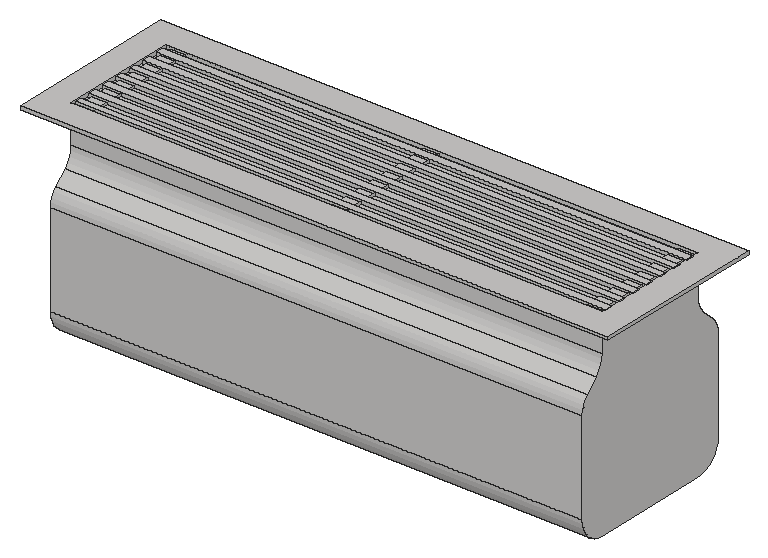
Revit family "VL414112", category Generic Models, host Face, Revit 2015
Parameters (values of type "VL414112")
  Width = 520 mm
  Unit = Metal Panel
  URL = "http://www.gaggenau.com."
  Model = "VL414112"
  Manufacturer = "Gaggenau"
  Height = 175 mm
  Description = "Gaggenau Vario downdraft ventilation 400 series stainless steel Width 15.5 cm Air extraction / Air recirculation Motorless"
  Depth = 155 mm
  Default Elevation = 0 mm
Reference planes
  plane 1 "Center (Front/Back)": y = 0
  plane 2: z = 0
  plane 3 "Center (Left/Right)": x = 0
  plane 4: x = -260
  plane 5: x = 260
  plane 6: y = 77.5
  plane 7: y = -77.5
  plane 8: z = -175
Forms (mm)
  Extrusion 1, solid, material "Metal Panel" <- "Unit"
    sketch origin (0, 0, -175) x (1, 0, 0) y (0, 1, 0)
      loop
        line (-260, 77.5) -> (-260, -77.5) -> (260, -77.5) -> (260, 77.5) -> (-260, 77.5)
      loop
        line (-235, 52.5) -> (-235, -52.5) -> (235, -52.5) -> (235, 52.5) -> (-235, 52.5)
    from 178 to 175
  Extrusion 2, solid, material "Metal Panel" <- "Unit"
    sketch origin (0, 0, -175) x (1, 0, 0) y (0, 1, 0)
      loop
        line (-235, 47.537) -> (-235, 41.024) -> (235, 41.024) -> (235, 47.537) -> (-235, 47.537)
      loop
        line (-235, 32.537) -> (-235, 26.024) -> (235, 26.024) -> (235, 32.537) -> (-235, 32.537)
      loop
        line (-235, 17.537) -> (-235, 11.024) -> (235, 11.024) -> (235, 17.537) -> (-235, 17.537)
      loop
        line (-235, 2.537) -> (-235, -3.976) -> (235, -3.976) -> (235, 2.537) -> (-235, 2.537)
      loop
        line (-235, -12.463) -> (-235, -18.976) -> (235, -18.976) -> (235, -12.463) -> (-235, -12.463)
      loop
        line (-235, -27.463) -> (-235, -33.976) -> (235, -33.976) -> (235, -27.463) -> (-235, -27.463)
      loop
        line (-235, -42.463) -> (-235, -48.976) -> (235, -48.976) -> (235, -42.463) -> (-235, -42.463)
    from 162.399 to 178
  Extrusion 3, solid, material "Metal Panel" <- "Unit"
    sketch origin (0, 0, -175) x (1, 0, 0) y (0, 1, 0)
      loop
        line (-231.25, 52.5) -> (-231.25, -52.5) -> (-218.082, -52.5) -> (-218.082, 52.5) -> (-231.25, 52.5)
      loop
        line (231.25, 52.5) -> (218.082, 52.5) -> (218.082, -52.5) -> (231.25, -52.5) -> (231.25, 52.5)
      loop
        line (-6.584, 52.5) -> (-6.584, -52.5) -> (6.584, -52.5) -> (6.584, 52.5) -> (-6.584, 52.5)
    from 162.399 to 176.45
  Extrusion 4, solid, material "Metal Panel" <- "Unit"
    sketch origin (0, 0, -175) x (0, 1, 0) y (0, 0, 1)
      loop
        line (52.5, 175) -> (-52.5, 175) -> (-52.5, 144.759)
        arc (-52.5, 144.759) -> (-54.182, 136.302) -> (-58.973, 129.132) r 22.1
        line (-58.973, 129.132) -> (-69.142, 118.963)
        arc (-69.142, 118.963) -> (-73.478, 112.474) -> (-75, 104.821) r 20
        line (-75, 104.821) -> (-75, 22.8)
        arc (-75, 22.8) -> (-68.322, 6.678) -> (-52.2, 0) r 22.8
        line (-52.2, 0) -> (52.203, 0)
        arc (52.203, 0) -> (68.323, 6.677) -> (75, 22.797) r 22.797
        line (75, 22.797) -> (75, 104.821)
        arc (75, 104.821) -> (73.478, 112.474) -> (69.142, 118.963) r 20
        line (69.142, 118.963) -> (58.962, 129.143)
        arc (58.962, 129.143) -> (54.179, 136.301) -> (52.5, 144.744) r 22.064
        line (52.5, 144.744) -> (52.5, 175)
    from -235 to 235
  Extrusion 5, solid, material "Metal Panel" <- "Unit"
    sketch origin (25, 0, 0) x (0, 1, 0) y (0, 0, 1)
      loop
        line (-47.369, -73.197) -> (-47.369, -128.197) -> (52.631, -128.197) -> (52.631, -73.197) -> (-47.369, -73.197)
      loop
        line (-42.369, -78.197) -> (-42.369, -123.197) -> (47.631, -123.197) -> (47.631, -78.197) -> (-42.369, -78.197)
    from -260 to -276.42
Dimensions and locks
  "Width": plane 4 to plane 5
  "Depth": plane 6 to plane 7
  "Height": plane 2 to plane 8
  aligned and locked: plane 2 to host face
  aligned and locked: level to host face
Automatic sketch dimensions
  host sketch curve to host sketch curve = 959.2 mm  (x2)
  host sketch curve to host sketch curve = 520 mm
  host sketch curve to host sketch curve = 1141.7 mm  (x2)
  host sketch curve to host sketch curve = 155 mm
  Extrusion 1 sketch curve to plane 4 = 0 mm
  Extrusion 1 sketch curve to plane 5 = 0 mm
  Extrusion 1 sketch curve to plane 7 = 0 mm
  Extrusion 1 sketch curve to plane 6 = 0 mm
  Extrusion 1 sketch curve to plane 4 = 25 mm
  Extrusion 1 sketch curve to plane 5 = 25 mm
  plane 7 to Extrusion 1 sketch curve = 25 mm
  Extrusion 1 sketch curve to plane 6 = 25 mm
  Extrusion 2 sketch curve to plane 4 = 25 mm  (x2)
  Extrusion 2 sketch curve to Extrusion 2 sketch curve = 0 mm  (x11)
  plane 1 "Center (Front/Back)" to Extrusion 2 sketch curve = 3.976 mm
  Extrusion 2 sketch curve to plane 5 = 25 mm
  Extrusion 2 sketch curve to Extrusion 2 sketch curve = 8.488 mm  (x6)
  Extrusion 2 sketch curve to Extrusion 2 sketch curve = 6.512 mm  (x6)
  Extrusion 2 sketch curve to plane 1 "Center (Front/Back)" = 2.537 mm
  Extrusion 3 sketch curve to plane 4 = 28.75 mm
  Extrusion 3 sketch curve to Extrusion 3 sketch curve = 13.168 mm  (x2)
  Extrusion 3 sketch curve to plane 3 "Center (Left/Right)" = 6.584 mm
  plane 3 "Center (Left/Right)" to Extrusion 3 sketch curve = 6.584 mm
  Extrusion 3 sketch curve to plane 5 = 41.918 mm
  plane 7 to Extrusion 3 sketch curve = 25 mm  (x3)
  Extrusion 3 sketch curve to plane 6 = 25 mm  (x3)
  Extrusion 4 sketch curve to level = 0 mm
  plane 8 to Extrusion 4 sketch curve = 0 mm
  plane 7 to Extrusion 4 sketch curve = 2.5 mm
  plane 7 to Extrusion 4 sketch curve = 2.9 mm
  plane 7 to Extrusion 4 sketch curve = 8.358 mm
  Extrusion 4 sketch curve to Extrusion 4 sketch curve = 10.169 mm  (x2)
  Extrusion 4 sketch curve to Extrusion 4 sketch curve = 20 mm
  Extrusion 4 sketch curve to Extrusion 4 sketch curve = 6.473 mm
  plane 7 to Extrusion 4 sketch curve = 25.3 mm
  Extrusion 4 sketch curve to plane 6 = 25.297 mm
  Extrusion 4 sketch curve to plane 6 = 25 mm
  Extrusion 4 sketch curve to plane 6 = 22.5 mm
  Extrusion 4 sketch curve to Extrusion 4 sketch curve = 6.462 mm
  Extrusion 4 sketch curve to plane 6 = 8.358 mm
  Extrusion 4 sketch curve to plane 6 = 2.936 mm
  Extrusion 4 sketch curve to plane 6 = 2.5 mm
  Extrusion 4 sketch curve to level = 70.179 mm  (x2)
  Extrusion 4 sketch curve to Extrusion 4 sketch curve = 10.18 mm
  plane 7 to Extrusion 5 sketch curve = 30.131 mm
  Extrusion 5 sketch curve to plane 8 = 46.803 mm
  Extrusion 5 sketch curve to plane 6 = 24.869 mm
  Extrusion 5 sketch curve to Extrusion 5 sketch curve = 55 mm
  Extrusion 5 sketch curve to Extrusion 5 sketch curve = 5 mm  (x4)
